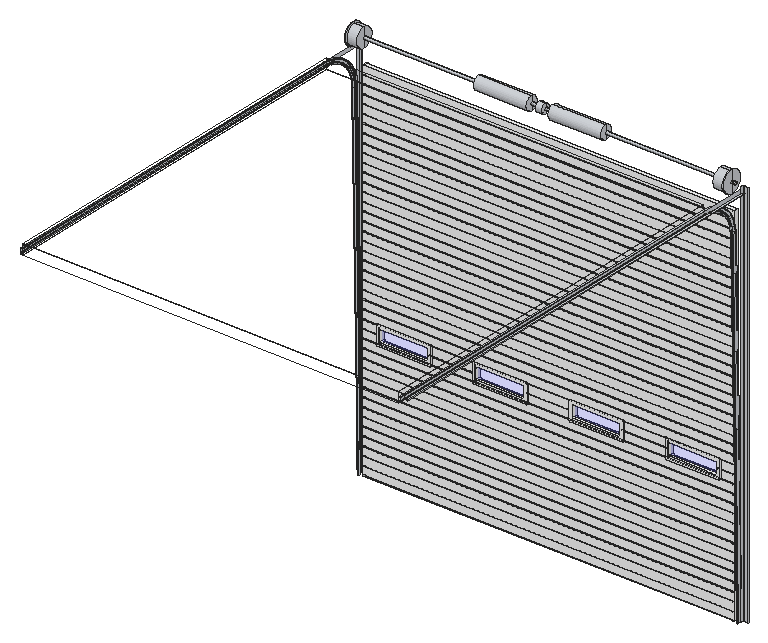
Revit family (continued)
Definition of nested family "Section"
  Definition of nested family "3200 Window"
    Dimensions and locks (in)
      "Frame Width": Extrusion 1 sketch curve to Extrusion 1 sketch curve
      radius of Extrusion 1 sketch curve = 0' - 0 5/8"  (x8)
      aligned and locked: plane 2 to level
      aligned and locked: Extrusion 2 sketch curve to Extrusion 1  (x4)
    Automatic sketch dimensions
      level to Extrusion 1 sketch curve = 0' - 11.02206"
      plane 3 "Center (Left/Right)" to Extrusion 1 sketch curve = 2' - 0.44118"
Definition of nested family "Track - Standard Lift"
  Parameters (values of type "15" Radius")
    WallToRadiusCenter = Door Thickness + 0' 1" + Vertical Track Length * 0' 0 1/4" / 1' 0" + Track Radius  # 1' - 8.83333"
    VerticalAngleLength = Door Height + 0' 10"  # 12' - 10"
    Vertical Track Length = Door Height - 0' 8"  # 11' - 4"
    TrackToTrack = CenterToLHTrack * 2  # 12' - 2"
    Roof Pitch Deg = atan(Roof Pitch / 12)  # 14.0362°
    Roof Pitch = 3
    Operator - Trolley = no
    Operator - Jack Shaft Right = no
    Operator - Jack Shaft Left = no
    HorizontalAngleLength = -(Horizontal Track Length + Track Radius + Vertical Track Length * 0.25 / 12 + 0' 2" - 0' 1" * Roof Pitch)  # -13' - 10.83333"
    Horizontal Track Length = Door Height + 1' 9" - Track Radius  # 12' - 6"
    FloorToTrolleyRail = FloorToShaftCL + 0' 6" - 0' 0 77/256" * Roof Pitch  # 13' - 7 25/256"
    FloorToShaftCL = Door Height + Track Radius - 0' 1"  # 13' - 2"
    FloorToJackShaft = FloorToShaftCL + 0' 3"  # 13' - 5"
    Double Torsion Shaft = yes
    Door Width = 12' - 0"
    Door Thickness = 0' - 2"
    Door Height = 12' - 0"
    CenterToLHTrack = Door Width / 2 + 0' 1" + Roof Pitch * 0' 0"  # 6' - 1"
    Track Radius = if([12" Radius Track], 1' 0", 1' 3")  # 1' - 3"
    HorizontalTrackAngle = 90.00° - Roof Pitch Deg + Roof Pitch * 0.00°  # 75.9638°
    CenterToRHTrack = -CenterToLHTrack  # -6' - 1"
    CenterToJackShaft = Door Width / 2 + 0' 5"  # 6' - 5"
    15" Radius Track = yes
    12" Radius Track = not([15" Radius Track])  # no
  Types (3): name | WallToRadiusCenter | Horizontal Track Length | FloorToTrolleyRail | FloorToShaftCL | FloorToJackShaft | Track Radius | 15" Radius Track | 12" Radius Track
    (no name) | 1' - 8.83333" | 12' - 6" | 13' - 7 25/256" | 13' - 2" | 13' - 5" | 1' - 3" | yes | no
    15" Radius | 1' - 8.83333" | 12' - 6" | 13' - 7 25/256" | 13' - 2" | 13' - 5" | 1' - 3" | yes | no
    12" Radius | 1' - 5.83333" | 12' - 9" | 13' - 4 25/256" | 12' - 11" | 13' - 2" | 1' - 0" | no | yes
  Reference planes (in)
    plane 1: y = 0
    plane 2 "Center (Left/Right)": x = 0
    plane 3 "Wall Edge": y = 3
    plane 4: y = 23.83333
    plane 5: z = 136
    plane 6: x = 73
    plane 7: x = -73
  Forms (in)
    Sweep 1, solid
      path in 3D
        loop
          line (0, 165.71667, 186.93248) -> (0, 20.1953, 150.55214)
          arc (0, 20.1953, 150.55214) -> (0, 12.10704, 145.35382) -> (0, 8.83659, 136.31243) r 15
          line (0, 8.83659, 136.31243) -> (0, 5.99672, 0)
      profile "Track Profile : Track Profile" origin (0, 7.41665, 68.15622) x (0, 0.999783, -0.020829) y (1, 0, 0)
        loop
          line (-2.03223, 73) -> (-1.97364, 73) -> (-1.97364, 73.826)
          arc (-1.97364, 73.826) -> (-1.9457, 73.89346) -> (-1.87823, 73.92141) r 0.09541
          line (-1.87823, 73.92141) -> (-0.65812, 73.92141)
          arc (-0.65812, 73.92141) -> (-0.63212, 73.9187) -> (-0.60723, 73.91071) r 0.12641
          line (-0.60723, 73.91071) -> (-0.20802, 73.73513)
          arc (-0.20802, 73.73513) -> (-0.05845, 73.52266) -> (-0.17676, 73.29133) r 0.25141
          line (-0.17676, 73.29133) -> (-0.46311, 73.1138) -> (-0.43223, 73.064) -> (-0.14589, 73.24153)
          arc (-0.14589, 73.24153) -> (0, 73.52678) -> (-0.18443, 73.78877) r 0.31
          line (-0.18443, 73.78877) -> (-0.58364, 73.96434)
          arc (-0.58364, 73.96434) -> (-0.62007, 73.97604) -> (-0.65812, 73.98) r 0.185
          line (-0.65812, 73.98) -> (-1.87823, 73.98)
          arc (-1.87823, 73.98) -> (-1.98713, 73.93489) -> (-2.03223, 73.826) r 0.154
          line (-2.03223, 73.826) -> (-2.03223, 73)
    Sweep 2, solid
      path in 3D
        loop
          line (0, 165.71667, 186.93248) -> (0, 20.1953, 150.55214)
          arc (0, 20.1953, 150.55214) -> (0, 12.10704, 145.35382) -> (0, 8.83659, 136.31243) r 15
          line (0, 8.83659, 136.31243) -> (0, 5.99672, 0)
      profile "Track Profile : Track Profile" origin (0, 7.41665, 68.15622) x (0, 0.999783, -0.020829) y (1, 0, 0)
        loop
          line (-2.03223, -73) -> (-2.03223, -73.826)
          arc (-2.03223, -73.826) -> (-1.98713, -73.93489) -> (-1.87823, -73.98) r 0.154
          line (-1.87823, -73.98) -> (-0.65812, -73.98)
          arc (-0.65812, -73.98) -> (-0.62007, -73.97604) -> (-0.58364, -73.96434) r 0.185
          line (-0.58364, -73.96434) -> (-0.18443, -73.78877)
          arc (-0.18443, -73.78877) -> (0, -73.52678) -> (-0.14589, -73.24153) r 0.31
          line (-0.14589, -73.24153) -> (-0.43223, -73.064) -> (-0.46311, -73.1138) -> (-0.17676, -73.29133)
          arc (-0.17676, -73.29133) -> (-0.05845, -73.52266) -> (-0.20802, -73.73513) r 0.25141
          line (-0.20802, -73.73513) -> (-0.60723, -73.91071)
          arc (-0.60723, -73.91071) -> (-0.63212, -73.9187) -> (-0.65812, -73.92141) r 0.12641
          line (-0.65812, -73.92141) -> (-1.87823, -73.92141)
          arc (-1.87823, -73.92141) -> (-1.9457, -73.89346) -> (-1.97364, -73.826) r 0.09541
          line (-1.97364, -73.826) -> (-1.97364, -73) -> (-2.03223, -73)
    Extrusion 3, solid, material "Transparent"
      sketch origin (73, 9, 148.94743) x (0, 0, 1) y (0, 1, 0)
        loop
          line (37.01491, 156.95921) -> (0.63457, 11.43783) -> (5.48528, 10.22516) -> (41.86562, 155.74653) -> (37.01491, 156.95921)
      from 0 to 146 <- "TrackToTrack"
    Extrusion 4, solid
      sketch origin (0, 165.71667, 186.93248) x (0, -0.242536, 0.970143) y (1, 0, 0)
        loop
          line (1.87823, 73.98) -> (1.87823, 74.06107) -> (0.47823, 74.06107) -> (0.47823, 75.48) -> (0.37823, 75.48) -> (0.37823, 73.98) -> (1.87823, 73.98)
      from -2 to -166.83333 <- "HorizontalAngleLength"
    Extrusion 5, solid
      sketch origin (0, 165.71667, 186.93248) x (0, -0.242536, 0.970143) y (1, 0, 0)
        loop
          line (1.87823, -73.98) -> (0.37823, -73.98) -> (0.37823, -75.48) -> (0.47823, -75.48) -> (0.47823, -74.08) -> (1.87823, -74.08) -> (1.87823, -73.98)
      from -2 to -166.83333 <- "HorizontalAngleLength"
    Extrusion 6, solid
      sketch origin (0, 0, 0) x (1, 0, 0) y (0, 1, 0)
        loop
          line (-73.98, 4.63) -> (-74.08, 4.63) -> (-74.08, 3.30484)
          arc (-74.08, 3.30484) -> (-74.14, 3.16) -> (-74.28484, 3.1) r 0.20484
          line (-74.28484, 3.1) -> (-76.26, 3.1) -> (-76.26, 3) -> (-74.28584, 3)
          arc (-74.28584, 3) -> (-74.06958, 3.08958) -> (-73.98, 3.30584) r 0.30584
          line (-73.98, 3.30584) -> (-73.98, 4.63)
        loop
          line (73.98, 4.63) -> (73.98, 3.30584)
          arc (73.98, 3.30584) -> (74.06958, 3.08958) -> (74.28584, 3) r 0.30584
          line (74.28584, 3) -> (76.26, 3) -> (76.26, 3.1) -> (74.28484, 3.1)
          arc (74.28484, 3.1) -> (74.14, 3.16) -> (74.08, 3.30484) r 0.20484
          line (74.08, 3.30484) -> (74.08, 4.63) -> (73.98, 4.63)
      from 0 to 154 <- "VerticalAngleLength"
    Extrusion 7, solid, visible <- "Operator - Jack Shaft Left"
      sketch origin (-60, 3, 0) x (-1, 0, 0) y (0, 0, 1)
        loop
          line (-149, 161) -> (-149, 137) -> (-137, 137) -> (-137, 161) -> (-149, 161)
      from 0 to 12
    Extrusion 8, solid, visible <- "Operator - Jack Shaft Right"
      sketch origin (-60, 3, 0) x (-1, 0, 0) y (0, 0, 1)
        loop
          line (17, 161) -> (17, 137) -> (29, 137) -> (29, 161) -> (17, 161)
      from 0 to 12
    Extrusion 9, solid, visible <- "Operator - Trolley"
      sketch origin (0, 0, 0) x (0, 1, 0) y (0, 0, 1)
        loop
          line (3.39876, 161.11455) -> (164.09305, 193.42697) -> (163.69429, 195.41008) -> (3, 163.09766) -> (3.39876, 161.11455)
      from -1 to 1
    Extrusion 10, solid, visible <- "Operator - Trolley"
      sketch origin (0, 0, 0) x (0, 1, 0) y (0, 0, 1)
        loop
          line (165.95921, 185.96234) -> (189.24263, 191.78319) -> (186.81727, 201.48462) -> (163.53385, 195.66376) -> (165.95921, 185.96234)
      from -12 to 12
  Lines and regions (in)
    reference lines, not visible
      curve 1: line (0, 23.83333, 136) -> (0, 20.1953, 150.55214)
      curve 2: line (0, 23.83333, 136) -> (0, 8.83659, 136.31243)
      curve 3: line (0, 20.1953, 150.55214) -> (0, 165.71667, 186.93248)
      curve 4: line (0, 8.83659, 136.31243) -> (0, 5.99672, 0)
      curve 5: arc (0, 20.1953, 150.55214) -> (0, 12.10704, 145.35382) -> (0, 8.83659, 136.31243) r 15
    sketch lines
      curve 6: line (0, 8.83659, 136.31243) -> (0, 5.99672, 0)
      curve 7: arc (0, 20.1953, 150.55214) -> (0, 12.10704, 145.35382) -> (0, 8.83659, 136.31243) r 15
      curve 8: line (0, 20.1953, 150.55214) -> (0, 165.71667, 186.93248)
      curve 9: line (0, 8.83659, 136.31243) -> (0, 5.99672, 0)
      curve 10: arc (0, 20.1953, 150.55214) -> (0, 12.10704, 145.35382) -> (0, 8.83659, 136.31243) r 15
      curve 11: line (0, 20.1953, 150.55214) -> (0, 165.71667, 186.93248)
  Text (in)
    text "Placement Side" at (0, 40.15149, 123.01588), in view "Right"
    text "Placement Side" at (-70.3804, 28.46503, 0), in view "Ref. Level"
    text "Placement Side" at (0, 81.62555, 140.59947), in view "Left"
  Dimensions and locks (in)
    locked: plane 3 "Wall Edge" to host wall
    "WallToRadiusCenter": plane 3 "Wall Edge" to plane 4
    "Vertical Track Length": plane 5 to level
    "Track Radius": curve 1 to curve 1
    "Track Radius": curve 2 to curve 2
    "CenterToLHTrack": plane 6 to plane 2 "Center (Left/Right)"
    "CenterToLHTrack": plane 2 "Center (Left/Right)" to plane 7
    "Horizontal Track Length": curve 5 to curve 3
    locked: curve 3 to Extrusion 3 sketch curve at 4
    locked: Extrusion 3 sketch curve to curve 3 at 1
    locked: Extrusion 4 sketch curve to Extrusion 4 sketch curve at 1.5  (x2)
    locked: Extrusion 4 sketch curve to Extrusion 4 sketch curve at 0.1
    locked: Sweep 1 to Extrusion 4 sketch curve at 0.08107
    locked: Extrusion 5 sketch curve to Extrusion 5 sketch curve at 0.1
    locked: Extrusion 5 sketch curve to Sweep 2 at 0.1
    locked: Extrusion 5 sketch curve to Extrusion 5 sketch curve at 1.5
    locked: Extrusion 5 sketch curve to Sweep 2 at 1.5
    locked: Extrusion 6 sketch curve to Extrusion 6 sketch curve at 0.1  (x4)
    locked: Extrusion 6 sketch curve to Extrusion 6 sketch curve at 2.28  (x2)
    Extrusion 6 sketch curve to Extrusion 6 sketch curve = 0' - 1.63"
    locked: Extrusion 6 sketch curve to Extrusion 6 sketch curve at 1.63  (x2)
    locked: host wall to nested 1 at 6
    locked: Extrusion 7 sketch curve to Extrusion 7 sketch curve at 12
    locked: Extrusion 7 sketch curve to Extrusion 7 sketch curve at 24
    "FloorToJackShaft": level to Extrusion 7 sketch curve
    "CenterToJackShaft": Extrusion 7 sketch curve to curve 4
    locked: Extrusion 8 sketch curve to Extrusion 8 sketch curve at 24
    locked: Extrusion 8 sketch curve to Extrusion 8 sketch curve at 12
    "CenterToJackShaft": curve 4 to Extrusion 8 sketch curve
    "FloorToShaftCL": nested 1 to level
    locked: Extrusion 9 sketch curve to Extrusion 9 sketch curve at 2.0228
    locked: Extrusion 9 sketch curve to Extrusion 3 at 2.69437
    "FloorToTrolleyRail": Extrusion 9 sketch curve to level
    locked: Extrusion 10 sketch curve to Extrusion 10 sketch curve at 10
    locked: Extrusion 10 sketch curve to Extrusion 10 sketch curve at 24
    "Track Radius": radius of curve 5
    radius of Extrusion 6 sketch curve = 0' - 0.30584"
    radius of Extrusion 6 sketch curve = 0' - 0.20484"
    "HorizontalTrackAngle": angle curve 1 to plane 5
    locked: curve 2 to plane 5 (angle 1.1935°)
    locked: curve 1 to curve 3 (angle 90.00°)
    locked: curve 4 to curve 2 (angle 90.00°)
    angle Extrusion 9 sketch curve to Extrusion 9 sketch curve = 90.00°  (x2)
    aligned and locked: plane 5 to curve 2
    aligned and locked: plane 4 to curve 2
    aligned and locked: level to curve 4
    aligned and locked: Extrusion 3 sketch curve to curve 3
    aligned and locked: Extrusion 3 sketch curve to curve 1
    aligned and locked: Extrusion 4 sketch curve to Sweep 1
    aligned and locked: Extrusion 5 sketch curve to Sweep 2
    aligned and locked: Extrusion 4 to Extrusion 5 sketch curve
    aligned and locked: Sweep 2 to Extrusion 6 sketch curve
    aligned and locked: Extrusion 6 sketch curve to Sweep 1
    aligned and locked: Extrusion 6 sketch curve to host wall
    aligned and locked: nested 1 to curve 4
    aligned and locked: Extrusion 7 to Extrusion 8 sketch curve
    aligned and locked: Extrusion 3 to Extrusion 9 sketch curve
    aligned and locked: host wall to Extrusion 9 sketch curve
    aligned and locked: Extrusion 10 sketch curve to Extrusion 3  (x2)
  Automatic sketch dimensions
    Sweep 1 to Extrusion 4 sketch curve = 0' - 1.59541"
    Extrusion 6 sketch curve to host wall = 0' - 0"
    Extrusion 6 sketch curve to Extrusion 6 sketch curve = 0' - 0.20484"
    Extrusion 6 sketch curve to Extrusion 6 sketch curve = 0' - 0.00101"
  Nested families (in)
    nested 1: "Torsion Assembly - Standard Lift" at (0, 9, 94.84779), type "Torsion Assembly - High Lift"
  Definition of nested family "Torsion Assembly - Standard Lift"
    Parameters (values of type "Torsion Assembly - Standard Lift")
      Spring Length = if(Door Width < 6' 0", 1' 0", 2' 0")  # 2' - 0"
      HalfShaft2Length = HalfShaftLength + 1' 0"  # 7' - 3 1/2"
      Double Torsion Shaft = no
      Door Width = 12' - 0"
      HalfShaftLength = (Door Width + 0' 7") / 2  # 6' - 3 1/2"
      Assembly Code = ""
    Types (2): name | Double Torsion Shaft
      Torsion Assembly - Standard Lift | no
      Torsion Assembly - High Lift | yes
    Reference planes (in)
      plane 1 "Center (Front/Back)": y = 0
      plane 2: z = 63.15221
      plane 3 "Center (Left/Right)": x = 0
      plane 4: z = 75.15221
      plane 5: z = 63.15221
    Forms (in)
      Revolve 1, solid
        sketch origin (0, 0, 0) x (1, 0, 0) y (0, 0, 1)
          loop
            line (5, 63.65221) -> (1.38578, 63.65221) -> (1.38578, 65.15221) -> (-1.36422, 65.15221) -> (-1.36422, 63.65221) -> (-5, 63.65221) -> (-5, 66.15221) -> (-29, 66.15221) -> (-29, 63.65221) -> (-68.5, 63.65221) -> (-68.5, 67.45823) -> (-73, 67.45823) -> (-73, 67.95823) -> (-73.5, 67.95823) -> (-73.5, 63.65221) -> (-75.5, 63.65221) -> (-75.5, 63.15221) -> (-73.5, 63.15221) -> (73.5, 63.15221) -> (75.5, 63.15221) -> (75.5, 63.65221) -> (73.5, 63.65221) -> (73.5, 67.95823) -> (73, 67.95823) -> (73, 67.45823) -> (68.5, 67.45823) -> (68.5, 63.65221) -> (29, 63.65221) -> (29, 66.15221) -> (5, 66.15221) -> (5, 63.65221)
          axis (-75.5, 63.15221) -> (75.5, 63.15221)
        angle from 0 to 360
      Revolve 2, solid, visible <- "Double Torsion Shaft"
        sketch origin (0, 0, 12) x (1, 0, 0) y (0, 0, 1)
          loop
            line (5, 63.65221) -> (1.38578, 63.65221) -> (1.38578, 65.15221) -> (-1.36422, 65.15221) -> (-1.36422, 63.65221) -> (-5, 63.65221) -> (-5, 66.15221) -> (-29, 66.15221) -> (-29, 63.65221) -> (-74.5, 63.65221) -> (-74.5, 67.45823) -> (-79, 67.45823) -> (-79, 67.95823) -> (-79.5, 67.95823) -> (-79.5, 63.65221) -> (-87.5, 63.65221) -> (-87.5, 63.15221) -> (-79.5, 63.15221) -> (79.5, 63.15221) -> (87.5, 63.15221) -> (87.5, 63.65221) -> (79.5, 63.65221) -> (79.5, 67.95823) -> (79, 67.95823) -> (79, 67.45823) -> (74.5, 67.45823) -> (74.5, 63.65221) -> (29, 63.65221) -> (29, 66.15221) -> (5, 66.15221) -> (5, 63.65221)
          axis (-87.5, 63.15221) -> (87.5, 63.15221)
        angle from 0 to 360
    Dimensions and locks (in)
      locked: Revolve 1 sketch curve to Revolve 1 sketch curve at 0.5  (x4)
      locked: Revolve 1 sketch curve to Revolve 1 sketch curve at 4.80602
      locked: Revolve 1 sketch curve to Revolve 1 sketch curve at 2.75
      locked: Revolve 1 sketch curve to plane 3 "Center (Left/Right)" at 1.38578
      locked: Revolve 1 sketch curve to Revolve 1 sketch curve at 3
      locked: Revolve 1 sketch curve to Revolve 1 sketch curve at 2  (x3)
      locked: Revolve 1 sketch curve to plane 3 "Center (Left/Right)" at 5
      "Spring Length": Revolve 1 sketch curve to Revolve 1 sketch curve  (x2)
      locked: plane 3 "Center (Left/Right)" to Revolve 1 sketch curve at 5
      locked: Revolve 1 sketch curve to Revolve 1 sketch curve at 5  (x2)
      "HalfShaftLength": Revolve 1 sketch curve to plane 3 "Center (Left/Right)"
      "HalfShaftLength": plane 3 "Center (Left/Right)" to Revolve 1 sketch curve
      locked: Revolve 2 sketch curve to Revolve 2 sketch curve at 0.5  (x4)
      locked: Revolve 2 sketch curve to Revolve 2 sketch curve at 4.80602
      locked: Revolve 2 sketch curve to Revolve 2 sketch curve at 2.75
      locked: Revolve 2 sketch curve to Revolve 2 sketch curve at 3
      locked: Revolve 2 sketch curve to Revolve 2 sketch curve at 2
      "Spring Length": Revolve 2 sketch curve to Revolve 2 sketch curve  (x2)
      locked: Revolve 2 sketch curve to Revolve 2 sketch curve at 5  (x2)
      locked: Revolve 2 sketch curve to Revolve 2 sketch curve at 8  (x2)
      locked: Revolve 2 to plane 4 at 0.5
      locked: plane 4 to level at 12
      "HalfShaft2Length": plane 3 "Center (Left/Right)" to Revolve 2 sketch curve
      "HalfShaft2Length": Revolve 2 sketch curve to plane 3 "Center (Left/Right)"
      locked: plane 3 "Center (Left/Right)" to Revolve 2 sketch curve at 5
      locked: Revolve 2 sketch curve to plane 3 "Center (Left/Right)" at 5
      aligned and locked: plane 2 to level
      aligned and locked: plane 5 to level
    Automatic sketch dimensions
      Revolve 1 sketch curve to level = 0' - 0"  (x2)
      Revolve 1 sketch curve to Revolve 1 sketch curve = 0' - 0"  (x2)
      Revolve 1 sketch curve to Revolve 1 sketch curve = 0' - 11.98222"
      Revolve 1 sketch curve to Revolve 1 sketch curve = 0' - 11.01778"
      level to Revolve 1 sketch curve = 0' - 0 1/2"  (x4)
      Revolve 1 sketch curve to Revolve 1 sketch curve = 0' - 0 1/2"  (x2)
      Revolve 1 sketch curve to Revolve 1 sketch curve = 0' - 2 1/2"
      Revolve 1 sketch curve to Revolve 1 sketch curve = 0' - 3.80602"
      level to Revolve 2 sketch curve = 1' - 0 1/2"  (x2)
      Revolve 2 sketch curve to Revolve 2 sketch curve = 0' - 0"  (x2)
      Revolve 2 sketch curve to Revolve 2 sketch curve = 0' - 11.98222"
      Revolve 2 sketch curve to plane 3 "Center (Left/Right)" = 0' - 1.36422"
      Revolve 2 sketch curve to Revolve 2 sketch curve = 0' - 11.01778"
      level to Revolve 2 sketch curve = 1' - 0"
      Revolve 2 sketch curve to Revolve 2 sketch curve = 0' - 1 1/2"
      Revolve 2 sketch curve to Revolve 2 sketch curve = 0' - 0 1/2"  (x3)
      Revolve 2 sketch curve to Revolve 2 sketch curve = 0' - 2 1/2"  (x2)
      Revolve 2 sketch curve to Revolve 2 sketch curve = 0' - 3.80602"
